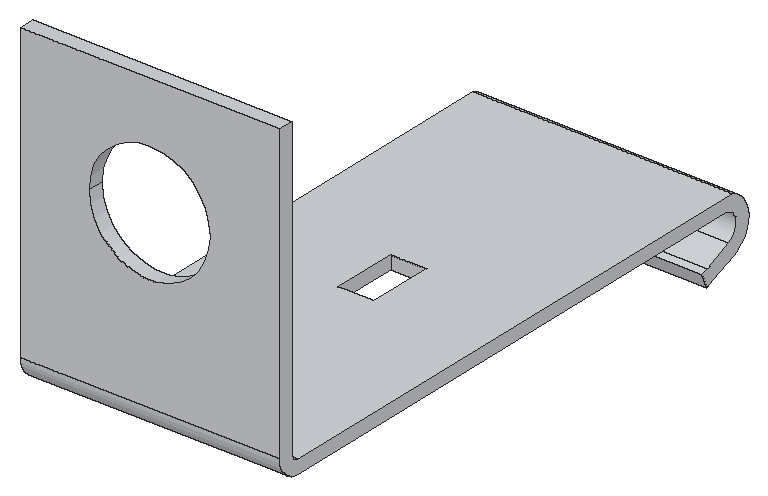
Revit family "Seitenhalter - SH KAB 20 FS", category Generic Models, Revit 2017
Family settings
  Can host rebar = No
  Round Connector Dimension = Use Diameter
  Part Type = Normal
  Work Plane-Based = No
  Always vertical = Yes
  Cut with Voids When Loaded = No
  Shared = No
  Room Calculation Point = No
Parameters (values of type "SH KAB 20 FS")
  URL = "http://www.obo-bettermann.com"
  Material = Strip-galvanised
  Manufacturer Art.No. = "6015425"
  Manufacturer = "OBO BETTERMANN"
  GTIN = "4012196649990"
  Diameter = 20 mm
  Article Type = "SH KAB 20 FS"
Types (3, lengths in mm): name | Manufacturer Art.No. | GTIN | Diameter | Article Type
  (no name) | "6015425" | "4012196649990" | 20 | "SH KAB 20 FS"
  SH KAB 20 FS | "6015425" | "4012196649990" | 20 | "SH KAB 20 FS"
  SH KAB 25 FS | "6015433" | "4012196650057" | 25 | "SH KAB 25 FS"
Reference planes
  plane 1 "Center (Front/Back)": y = 0
  plane 2: z = 0
  plane 3 "Center (Left/Right)": x = 0
  plane 4: y = 97.083
  plane 5: through (4267.2, 82.745, 4.357) normal (0, 0.925, 0.38)
  plane 6: through (4267.2, 93.808, 6.376) normal (0, 0.925, 0.38)
  plane 7: x = 43
  plane 8: y = 48.109
  plane 9: y = 97.109
  plane 10: x = 21.5
  plane 11: x = 21.5
  plane 12: z = 33
Forms (mm)
  Extrusion 1, solid
    sketch origin (0, 0, 0) x (0, 1, 0) y (0, 0, 1)
      loop
        line (2.5, 3.73) -> (2.5, 53) -> (0, 53) -> (0, 4)
        arc (0, 4) -> (1.172, 1.172) -> (4, 0) r 4
        line (4, 0) -> (91.575, 0) -> (92.588, 0)
        arc (92.588, 0) -> (94.561, -2.219) -> (93.021, -4.759) r 2.5
        line (93.021, -4.759) -> (88.588, -6.58) -> (87.433, -7.054) -> (88.383, -9.367) -> (89.538, -8.892) -> (93.971, -7.071)
        arc (93.971, -7.071) -> (97.071, -2.376) -> (93.842, 2.23) r 5
        line (93.842, 2.23) -> (4, 2.23)
        arc (4, 2.23) -> (2.939, 2.669) -> (2.5, 3.73) r 1.5
    from 0 to 43
  Extrusion 2, void
    sketch origin (0, 0, 0) x (1, 0, 0) y (0, 1, 0)
      loop
        line (18.5, 53.609) -> (18.5, 42.609) -> (24.5, 42.609) -> (24.5, 53.609) -> (18.5, 53.609)
    from 0 to 2.23
  Extrusion 3, void
    sketch origin (0, 0, 0) x (1, 0, 0) y (0, 0, 1)
      loop
        circle (21.5, 33) r 10
    from -2.5 to 0
Cuts and joins
  Extrusion 2, Extrusion 3 cuts Extrusion 1
Dimensions and locks
  locked: Extrusion 1 sketch curve to Extrusion 1 sketch curve at 53
  locked: Extrusion 1 sketch curve to plane 4 at 97.083
  locked: plane 6 to plane 5 at 11
  locked: Extrusion 1 sketch curve to Extrusion 1 sketch curve at 11.041
  locked: Extrusion 1 sketch curve to Extrusion 1 sketch curve at 76.975
  locked: plane 7 to plane 3 "Center (Left/Right)" at 43
  locked: plane 1 "Center (Front/Back)" to plane 9 at 97.109
  locked: plane 9 to plane 8 at 49
  locked: cut or joined group of Extrusion 1, Extrusion 2, Extrusion 3 to plane 10 at 21.5
  locked: Extrusion 2 sketch curve to Extrusion 2 sketch curve at 6
  locked: Extrusion 2 sketch curve to plane 10 at 3
  locked: Extrusion 2 sketch curve to Extrusion 2 sketch curve at 11
  locked: plane 8 to Extrusion 2 sketch curve at 5.5
  locked: cut or joined group of Extrusion 1, Extrusion 2, Extrusion 3 to plane 12 at 20
  locked: plane 11 to plane 3 "Center (Left/Right)" at 21.5
  radius of Extrusion 1 sketch curve = 2.5 mm
  diameter of Extrusion 3 sketch curve = 20 mm
  "Diameter": diameter of cut or joined group of Extrusion 1, Extrusion 2, Extrusion 3
  aligned and locked: level to plane 2
  aligned and locked: Extrusion 1 sketch curve to level
  aligned and locked: plane 7 to Extrusion 1
  aligned and locked: Extrusion 2 to level
  aligned and locked: Extrusion 1 to Extrusion 2
  aligned and locked: Extrusion 1 to Extrusion 3
  aligned and locked: plane 1 "Center (Front/Back)" to Extrusion 3
Automatic sketch dimensions
  Extrusion 1 sketch curve to Extrusion 1 sketch curve = 0 mm  (x3)
  Extrusion 1 sketch curve to plane 5 = 0 mm  (x2)
  Extrusion 1 sketch curve to Extrusion 1 sketch curve = 1.5 mm
  Extrusion 1 sketch curve to Extrusion 1 sketch curve = 0.95 mm
  Extrusion 1 sketch curve to level = 6.58 mm
  Extrusion 1 sketch curve to Extrusion 1 sketch curve = 1.155 mm
  Extrusion 1 sketch curve to Extrusion 1 sketch curve = 0.496 mm
  Extrusion 1 sketch curve to Extrusion 1 sketch curve = 1.013 mm
  level to Extrusion 1 sketch curve = 2.23 mm
  Extrusion 3 sketch curve to plane 11 = 0 mm
  Extrusion 3 sketch curve to plane 12 = 0 mm
